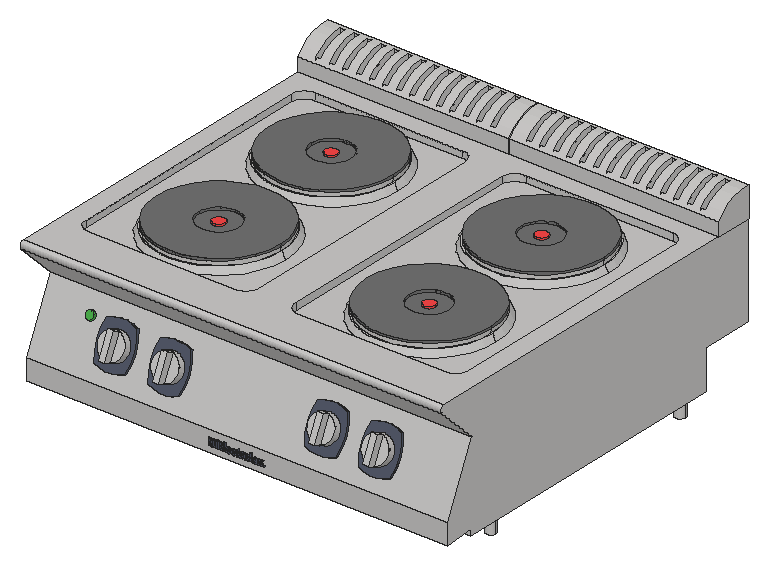
Revit family "QF_ELECTROLUXPROFESSIONAL_371127_E7ECEH4R0N", category Specialty Equipment, Revit 2018
Family settings
  Round Connector Dimension = Use Diameter
  Part Type = Normal
  Work Plane-Based = No
  Always vertical = Yes
  Cut with Voids When Loaded = No
  Shared = No
  Room Calculation Point = No
Parameters
  Width = 800.1 mm  # constant formula
  Weight in Pounds = 88  # constant formula
  Watts = 10400 VA  # 10400 W
  Volts = 230 V  # constant formula
  URL Cutsheet = "www.electrolux.com/foodservice"
  URL = "www.electrolux.com/foodservice"
  Type Mark [instance] = ""
  Status [instance] = ""
  Specification by User [instance] = ""
  Specification by Manufacturer = ""
  Show Logo [instance] = yes
  Show Clearance [instance] = yes
  Serial Number = ""
  Seismic Rating = ""
  SMACNA No = ""
  Revision Code [instance] = ""
  Phase = 3  # constant formula
  Omniclass Number and Title = ""
  Number of Poles [instance] = 1
  NAFEM Spec ID Number = ""
  Model = "371127"
  Min Ckt Ampacity = 0 A
  Max Overcurrent Protection = 0 A
  Masterspec = ""
  Manufacturer = "ELECTROLUX"
  Item Number [instance] = ""
  Installed By [instance] = ""
  Identify Quantity as Lot [instance] = yes
  Height = 331.8 mm  # constant formula
  HP = "13.9 HP"
  Furnished By [instance] = ""
  Foodservice Equipment Identifier [instance] = yes
  FL Amps = if(Phase = 3, Watts / (Volts * 1.73), Watts / Volts)  # 26.1372 A
  Electrical Remarks [instance] = "230 V/3 ph/50/60 Hz"  # constant formula
  Electric Connection Type [instance] = ""
  Elec Conn RI Height [instance] = 0 mm
  Elec Conn Connection Height [instance] = 0 mm
  Direct Waste Size = 0"
  Description = "700XP 4 Hot Plate Electric Boiling Top 2.6KW - 230V"
  Depth = 730.25 mm  # constant formula
  Cycle [instance] = if([60 Hertz Option], 60 Hz, 50 Hz)  # 60 Hz
  Conn Plug = ""
  Conn Conduit = yes
  CSI MasterFormat = ""
  CSI Master Format = ""
  Base Height [instance] = 23.813 mm  # constant formula
  Assembly Code = ""
  Apparent Power = if(Phase = 3, Volts * FL Amps * 1.73, Volts * FL Amps)  # 10400 VA
  60 Hertz Option [instance] = not([50 Hertz Option])  # yes
  50 Hertz Option [instance] = no
Reference planes
  plane 1 "BACK": y = 0
  plane 2: z = 0
  plane 3 "LEFT": x = 0
  plane 4 "RIGHT": x = 800.1
  plane 5 "FRONT": y = -730.25
  plane 6 "TOP": z = 288.925
  plane 7 "Center Y": x = 400.05
  plane 8 "Center X": y = -365.125
  plane 9 "BASE": z = 23.813
  plane 10 "TOP A": z = 274.638
  plane 11: y = -597.884
  plane 12: y = -147.637
  plane 13: z = 331.8
Forms (mm)
  Extrusion 1, solid, material "QF_Finishes_Stainless Steel"
    sketch origin (0, 0, 0) x (0, 1, 0) y (0, 0, 1)
      loop
        line (0, 274.638) -> (-722.844, 274.638)
        arc (-722.844, 274.638) -> (-729.641, 270.096) -> (-728.047, 262.077) r 7.358
        line (-728.047, 262.077) -> (-657.416, 191.447) -> (-713.772, 69.003) -> (-713.772, 30.903) -> (-660.4, 36.513) -> (-660.4, 23.812) -> (-101.6, 23.812) -> (-101.6, 98.425) -> (0, 98.425) -> (0, 274.638)
    from 0 to 800.1
  Extrusion 2, solid, material "QF_Finishes_Stainless Steel"
    sketch origin (0, 0, 0) x (1, 0, 0) y (0, 1, 0)
      loop
        circle (11.112, -147.638) r 9.525
      loop
        circle (11.112, -597.884) r 9.525
      loop
        circle (788.987, -147.638) r 9.525
      loop
        circle (788.987, -597.884) r 9.525
    from 0 to 23.813
  Extrusion 3, solid, material "QF_Finishes_Stainless Steel"
    sketch origin (0, -101.6, 101.6) x (0, 0, -1) y (-1, 0, 0)
      loop
        circle (41.275, -747.712) r 12.7
    from 0 to 3.175
  Extrusion 4, solid, material "QF_Finishes_Clearance", visible <- "Show Clearance", detail levels coarse
    sketch origin (0, 0, 0) x (1, 0, 0) y (0, 1, 0)
      loop
        line (0, -730.25) -> (0, 0) -> (800.1, 0) -> (800.1, -730.25) -> (950.119, -730.25) -> (950.119, 150.019) -> (-150.019, 150.019) -> (-150.019, -730.25) -> (0, -730.25)
    from 0 to 331.788
  Extrusion 5, solid, material "QF_Finishes_Navy Blue"
    sketch origin (-390.52, -713.772, 69.003) x (0, 0.418102, 0.9084) y (-1, 0, 0)
      loop
        arc (102.623, -510.47) -> (67.041, -502.846) -> (31.333, -509.853) r 90.5
        arc (31.333, -509.853) -> (24.507, -539.04) -> (31.333, -568.228) r 65.817
        arc (31.333, -568.228) -> (67.04, -575.188) -> (102.623, -567.615) r 91.066
        arc (102.623, -567.615) -> (109.179, -539.043) -> (102.623, -510.47) r 65.546
    from 0 to 3.175
  Extrusion 6, solid, material "QF_Finishes_Stainless Steel"
    sketch origin (-11.77, -717.485, 68.529) x (0, 0.418102, 0.9084) y (-1, 0, 0)
      loop
        circle (68.826, -160.963) r 25.4
    from 0 to 12.7
  Extrusion 7, solid, material "QF_Finishes_Stainless Steel"
    sketch origin (-11.77, -729.022, 73.839) x (0, 0.418102, 0.9084) y (-1, 0, 0)
      loop
        arc (93.558, -166.749) -> (94.226, -160.963) -> (93.558, -155.177) r 25.4
        line (93.558, -155.177) -> (44.094, -155.177)
        arc (44.094, -155.177) -> (43.426, -160.963) -> (44.094, -166.749) r 25.4
        line (44.094, -166.749) -> (93.558, -166.749)
    from 0 to 12.7
  Extrusion 8, solid, material "QF_Finishes_Navy Blue", visible <- "Show Logo"
    sketch origin (58.349, -713.772, 35.665) x (0, 0, 1) y (-1, 0, 0)
      loop
        line (20.674, -296.698) -> (8.307, -296.698)
        arc (8.307, -296.698) -> (14.491, -301.27) -> (20.674, -296.698) r 6.467
      loop
        arc (20.674, -296.069) -> (19.505, -290.926) -> (14.849, -288.448) r 6.338
        line (14.849, -288.448) -> (14.849, -290.494)
        arc (14.849, -290.494) -> (16.333, -294.149) -> (19.778, -296.069) r 5.941
        line (19.778, -296.069) -> (20.674, -296.069)
      loop
        arc (9.203, -296.069) -> (12.648, -294.149) -> (14.132, -290.494) r 5.941
        line (14.132, -290.494) -> (14.132, -288.448)
        arc (14.132, -288.448) -> (9.438, -290.922) -> (8.148, -296.069) r 6.504
        line (8.148, -296.069) -> (9.203, -296.069)
      loop
        line (21.349, -287.979) -> (7.604, -287.979) -> (7.604, -301.742) -> (21.349, -301.742) -> (21.349, -287.979)
      loop
        arc (21.432, -304.71) -> (21.085, -304.352) -> (20.718, -304.69) r 0.358
        arc (20.718, -304.69) -> (20.404, -305.44) -> (19.687, -305.825) r 1.216
        line (19.687, -305.825) -> (9.274, -305.825)
        arc (9.274, -305.825) -> (8.614, -305.548) -> (8.218, -304.951) r 1.238
        arc (8.218, -304.951) -> (7.823, -304.7) -> (7.518, -305.054) r 0.358
        line (7.518, -305.054) -> (7.518, -314.933) -> (10.269, -314.933) -> (10.269, -314.036)
        arc (10.269, -314.036) -> (9.36, -313.456) -> (8.904, -312.479) r 1.928
        line (8.904, -312.479) -> (8.904, -309.98)
        arc (8.904, -309.98) -> (9.18, -309.251) -> (9.868, -308.887) r 1.101
        line (9.868, -308.887) -> (13.955, -308.887) -> (13.955, -312.561)
        arc (13.955, -312.561) -> (13.602, -313.058) -> (13.037, -313.286) r 1.083
        arc (13.037, -313.286) -> (12.773, -313.591) -> (13.065, -313.869) r 0.292
        line (13.065, -313.869) -> (16.028, -313.869)
        arc (16.028, -313.869) -> (16.33, -313.596) -> (16.092, -313.266) r 0.305
        arc (16.092, -313.266) -> (15.601, -313.018) -> (15.296, -312.561) r 1.083
        line (15.296, -312.561) -> (15.296, -308.887) -> (19.973, -308.887) -> (19.973, -312.635)
        arc (19.973, -312.635) -> (19.759, -313.39) -> (19.153, -313.888) r 1.314
        arc (19.153, -313.888) -> (18.934, -314.292) -> (19.288, -314.585) r 0.361
        line (19.288, -314.585) -> (21.432, -314.585) -> (21.432, -304.71)
      loop
        arc (20.715, -315.365) -> (20.335, -316.284) -> (19.416, -316.664) r 1.299
        line (19.416, -316.664) -> (9.837, -316.664)
        arc (9.837, -316.664) -> (8.999, -316.286) -> (8.728, -315.408) r 1.118
        line (8.728, -315.408) -> (7.518, -315.408) -> (7.518, -320.758) -> (8.706, -320.758)
        arc (8.706, -320.758) -> (8.978, -319.841) -> (9.848, -319.445) r 1.153
        line (9.848, -319.445) -> (21.92, -319.445) -> (20.715, -315.365)
      loop
        line (12.483, -323.394) -> (12.483, -329.842) -> (13.282, -329.842)
        arc (13.282, -329.842) -> (15.862, -328.857) -> (17.131, -326.404) r 3.874
        line (17.131, -326.404) -> (17.131, -324.643)
        arc (17.131, -324.643) -> (15.944, -321.778) -> (13.08, -320.592) r 4.051
        line (13.08, -320.592) -> (11.072, -320.592)
        arc (11.072, -320.592) -> (8.253, -322.077) -> (7.202, -325.084) r 4.352
        arc (7.202, -325.084) -> (7.566, -327.547) -> (8.943, -329.621) r 5.713
        line (8.943, -329.621) -> (9.892, -329.621)
        arc (9.892, -329.621) -> (9.16, -328.052) -> (8.943, -326.334) r 5.579
        arc (8.943, -326.334) -> (9.737, -324.371) -> (11.616, -323.394) r 3.057
        line (11.616, -323.394) -> (12.483, -323.394)
      loop
        line (13.742, -323.394) -> (13.742, -326.977)
        arc (13.742, -326.977) -> (15.199, -327.024) -> (16.082, -325.864) r 1.59
        line (16.082, -325.864) -> (16.082, -325.034)
        arc (16.082, -325.034) -> (15.217, -323.779) -> (13.742, -323.394) r 2.184
      loop
        arc (16.533, -339.259) -> (17.022, -337.585) -> (17.179, -335.848) r 9.023
        line (17.179, -335.848) -> (17.179, -334.486)
        arc (17.179, -334.486) -> (16.02, -331.686) -> (13.22, -330.527) r 3.959
        line (13.22, -330.527) -> (10.62, -330.527)
        arc (10.62, -330.527) -> (8.338, -331.819) -> (7.221, -334.192) r 4.331
        line (7.221, -334.192) -> (7.221, -336.327)
        arc (7.221, -336.327) -> (7.729, -337.877) -> (8.651, -339.223) r 5.772
        arc (8.651, -339.223) -> (9.412, -339.274) -> (9.499, -338.515) r 0.553
        arc (9.499, -338.515) -> (9.111, -337.781) -> (8.977, -336.962) r 2.573
        line (8.977, -336.962) -> (8.977, -335.447)
        arc (8.977, -335.447) -> (9.983, -333.806) -> (11.798, -333.163) r 2.884
        line (11.798, -333.163) -> (13.077, -333.163)
        arc (13.077, -333.163) -> (14.898, -333.723) -> (15.824, -335.388) r 2.554
        line (15.824, -335.388) -> (15.824, -336.441)
        arc (15.824, -336.441) -> (15.493, -337.369) -> (14.836, -338.104) r 2.564
        arc (14.836, -338.104) -> (14.614, -338.821) -> (15.223, -339.259) r 0.643
        line (15.223, -339.259) -> (16.533, -339.259)
      loop
        line (15.515, -339.53) -> (15.515, -341.031) -> (9.467, -341.031)
        arc (9.467, -341.031) -> (7.879, -341.688) -> (7.221, -343.276) r 2.246
        line (7.221, -343.276) -> (7.221, -344.86)
        arc (7.221, -344.86) -> (7.535, -345.725) -> (8.035, -346.496) r 4.06
        arc (8.035, -346.496) -> (8.768, -346.629) -> (9.019, -345.928) r 0.576
        arc (9.019, -345.928) -> (8.913, -345.403) -> (8.977, -344.87) r 1.69
        arc (8.977, -344.87) -> (9.519, -344.082) -> (10.425, -343.779) r 1.506
        line (10.425, -343.779) -> (15.563, -343.779) -> (15.563, -346.176) -> (16.119, -346.733) -> (16.941, -346.733) -> (16.941, -343.873) -> (20.172, -343.873) -> (15.515, -339.53)
      loop
        line (7.438, -347.63) -> (7.438, -353.017) -> (8.548, -353.017)
        arc (8.548, -353.017) -> (8.942, -352.066) -> (9.893, -351.672) r 1.345
        line (9.893, -351.672) -> (13.509, -351.672)
        arc (13.509, -351.672) -> (14.274, -352.264) -> (14.564, -353.186) r 1.615
        line (14.564, -353.186) -> (14.564, -354.742) -> (17.119, -355.427) -> (17.119, -354.044) -> (15.177, -351.485) -> (17.057, -351.485) -> (16.773, -348.779)
        arc (16.773, -348.779) -> (16.333, -348.249) -> (15.674, -348.45) r 0.621
        arc (15.674, -348.45) -> (15.274, -348.792) -> (14.78, -348.975) r 1.501
        line (14.78, -348.975) -> (9.893, -348.975)
        arc (9.893, -348.975) -> (8.942, -348.581) -> (8.548, -347.63) r 1.345
        line (8.548, -347.63) -> (7.438, -347.63)
      loop
        line (13.54, -354.964) -> (10.848, -354.964)
        arc (10.848, -354.964) -> (8.403, -356.272) -> (7.269, -358.803) r 4.288
        arc (7.269, -358.803) -> (7.205, -360.183) -> (7.269, -361.563) r 15.022
        arc (7.269, -361.563) -> (8.403, -364.094) -> (10.848, -365.401) r 4.288
        line (10.848, -365.401) -> (13.54, -365.401)
        arc (13.54, -365.401) -> (15.986, -364.094) -> (17.119, -361.563) r 4.288
        arc (17.119, -361.563) -> (17.183, -360.183) -> (17.119, -358.803) r 15.022
        arc (17.119, -358.803) -> (15.986, -356.272) -> (13.54, -354.964) r 4.288
      loop
        line (13.745, -358.078) -> (10.643, -358.078)
        arc (10.643, -358.078) -> (8.486, -360.235) -> (10.643, -362.392) r 2.157
        line (10.643, -362.392) -> (13.745, -362.392)
        arc (13.745, -362.392) -> (15.902, -360.235) -> (13.745, -358.078) r 2.157
      loop
        arc (20.726, -365.26) -> (20.355, -366.154) -> (19.461, -366.524) r 1.264
        line (19.461, -366.524) -> (9.597, -366.524)
        arc (9.597, -366.524) -> (8.727, -366.127) -> (8.455, -365.211) r 1.153
        line (8.455, -365.211) -> (7.518, -365.211) -> (7.518, -370.319) -> (8.446, -370.319)
        arc (8.446, -370.319) -> (8.805, -369.547) -> (9.597, -369.232) r 1.153
        line (9.597, -369.232) -> (21.92, -369.232) -> (20.726, -365.26)
      loop
        arc (15.846, -369.857) -> (15.647, -370.921) -> (14.678, -371.403) r 1.215
        line (14.678, -371.403) -> (9.658, -371.403)
        arc (9.658, -371.403) -> (8.043, -372.051) -> (7.322, -373.634) r 2.338
        line (7.322, -373.634) -> (7.322, -375.148)
        arc (7.322, -375.148) -> (7.497, -376.152) -> (7.999, -377.038) r 2.979
        line (7.999, -377.038) -> (7.518, -378.835) -> (7.518, -380.524) -> (16.943, -380.524) -> (16.649, -376.32) -> (15.863, -376.32)
        arc (15.863, -376.32) -> (15.507, -377.156) -> (14.755, -377.665) r 1.605
        line (14.755, -377.665) -> (9.652, -377.665)
        arc (9.652, -377.665) -> (9.232, -376.728) -> (9.159, -375.704) r 2.94
        arc (9.159, -375.704) -> (9.72, -374.603) -> (10.873, -374.16) r 1.724
        line (10.873, -374.16) -> (17.07, -374.16) -> (15.846, -369.857)
      loop
        line (16.874, -381.377) -> (15.202, -383.423) -> (12.028, -385.729) -> (8.572, -382.617)
        arc (8.572, -382.617) -> (8.335, -382.223) -> (8.357, -381.764) r 0.789
        line (8.357, -381.764) -> (7.518, -381.764) -> (7.518, -385.309) -> (8.344, -385.309)
        arc (8.344, -385.309) -> (8.686, -384.947) -> (9.176, -385.039) r 0.52
        line (9.176, -385.039) -> (10.976, -386.51) -> (8.858, -387.886)
        arc (8.858, -387.886) -> (8.457, -387.576) -> (8.37, -387.076) r 0.7
        line (8.37, -387.076) -> (7.518, -387.076) -> (7.518, -393.003) -> (8.405, -393.003)
        arc (8.405, -393.003) -> (8.472, -392.344) -> (8.866, -391.813) r 1.247
        line (8.866, -391.813) -> (13.066, -388.532) -> (15.513, -390.585) -> (16.874, -392.327) -> (16.874, -388.604) -> (15.389, -389.026) -> (13.868, -387.749) -> (15.568, -386.559) -> (16.874, -387.336) -> (16.874, -381.377)
    from 0 to 1.644
  Extrusion 9, solid, material "QF_Finishes_Stainless Steel"
    sketch origin (0, 0, 0) x (0, 1, 0) y (0, 0, 1)
      loop
        line (0, 274.638) -> (0, 331.738)
        arc (0, 331.738) -> (-38.857, 324.552) -> (-69.85, 300.038) r 82.056
        line (-69.85, 300.038) -> (-69.85, 274.638) -> (0, 274.638)
    from 0 to 400.05
  Extrusion 10, void
    sketch origin (0, 0, 274.638) x (0, -1, 0) y (1, 0, 0)
      loop
        line (6.761, 29.703) -> (63.911, 29.703) -> (63.911, 38.999) -> (6.761, 38.999) -> (6.761, 29.703)
      loop
        line (63.911, 64.487) -> (6.761, 64.487) -> (6.761, 55.191) -> (63.911, 55.191) -> (63.911, 64.487)
      loop
        line (63.911, 89.975) -> (6.761, 89.975) -> (6.761, 80.68) -> (63.911, 80.68) -> (63.911, 89.975)
      loop
        line (63.911, 115.464) -> (6.761, 115.464) -> (6.761, 106.168) -> (63.911, 106.168) -> (63.911, 115.464)
      loop
        line (63.911, 140.952) -> (6.761, 140.952) -> (6.761, 131.656) -> (63.911, 131.656) -> (63.911, 140.952)
      loop
        line (63.911, 166.44) -> (6.761, 166.44) -> (6.761, 157.145) -> (63.911, 157.145) -> (63.911, 166.44)
      loop
        line (63.911, 191.929) -> (6.761, 191.929) -> (6.761, 182.633) -> (63.911, 182.633) -> (63.911, 191.929)
      loop
        line (63.911, 217.417) -> (6.761, 217.417) -> (6.761, 208.121) -> (63.911, 208.121) -> (63.911, 217.417)
      loop
        line (63.911, 242.905) -> (6.761, 242.905) -> (6.761, 233.61) -> (63.911, 233.61) -> (63.911, 242.905)
      loop
        line (63.911, 268.394) -> (6.761, 268.394) -> (6.761, 259.098) -> (63.911, 259.098) -> (63.911, 268.394)
      loop
        line (63.911, 293.882) -> (6.761, 293.882) -> (6.761, 284.586) -> (63.911, 284.586) -> (63.911, 293.882)
      loop
        line (63.911, 319.37) -> (6.761, 319.37) -> (6.761, 310.075) -> (63.911, 310.075) -> (63.911, 319.37)
      loop
        line (63.911, 344.859) -> (6.761, 344.859) -> (6.761, 335.563) -> (63.911, 335.563) -> (63.911, 344.859)
      loop
        line (63.911, 370.347) -> (6.761, 370.347) -> (6.761, 361.051) -> (63.911, 361.051) -> (63.911, 370.347)
    from 25.4 to 63.5
  Extrusion 11, solid, material "QF_Finishes_Stainless Steel"
    sketch origin (400.05, 0, 0) x (0, 1, 0) y (0, 0, 1)
      loop
        line (0, 274.638) -> (0, 331.738)
        arc (0, 331.738) -> (-38.857, 324.552) -> (-69.85, 300.038) r 82.056
        line (-69.85, 300.038) -> (-69.85, 274.638) -> (0, 274.638)
    from 0 to 400.05
  Extrusion 12, void
    sketch origin (400.05, 0, 274.638) x (0, -1, 0) y (1, 0, 0)
      loop
        line (6.761, 29.703) -> (63.911, 29.703) -> (63.911, 38.999) -> (6.761, 38.999) -> (6.761, 29.703)
      loop
        line (63.911, 64.487) -> (6.761, 64.487) -> (6.761, 55.191) -> (63.911, 55.191) -> (63.911, 64.487)
      loop
        line (63.911, 89.975) -> (6.761, 89.975) -> (6.761, 80.68) -> (63.911, 80.68) -> (63.911, 89.975)
      loop
        line (63.911, 115.464) -> (6.761, 115.464) -> (6.761, 106.168) -> (63.911, 106.168) -> (63.911, 115.464)
      loop
        line (63.911, 140.952) -> (6.761, 140.952) -> (6.761, 131.656) -> (63.911, 131.656) -> (63.911, 140.952)
      loop
        line (63.911, 166.44) -> (6.761, 166.44) -> (6.761, 157.145) -> (63.911, 157.145) -> (63.911, 166.44)
      loop
        line (63.911, 191.929) -> (6.761, 191.929) -> (6.761, 182.633) -> (63.911, 182.633) -> (63.911, 191.929)
      loop
        line (63.911, 217.417) -> (6.761, 217.417) -> (6.761, 208.121) -> (63.911, 208.121) -> (63.911, 217.417)
      loop
        line (63.911, 242.905) -> (6.761, 242.905) -> (6.761, 233.61) -> (63.911, 233.61) -> (63.911, 242.905)
      loop
        line (63.911, 268.394) -> (6.761, 268.394) -> (6.761, 259.098) -> (63.911, 259.098) -> (63.911, 268.394)
      loop
        line (63.911, 293.882) -> (6.761, 293.882) -> (6.761, 284.586) -> (63.911, 284.586) -> (63.911, 293.882)
      loop
        line (63.911, 319.37) -> (6.761, 319.37) -> (6.761, 310.075) -> (63.911, 310.075) -> (63.911, 319.37)
      loop
        line (63.911, 344.859) -> (6.761, 344.859) -> (6.761, 335.563) -> (63.911, 335.563) -> (63.911, 344.859)
      loop
        line (63.911, 370.347) -> (6.761, 370.347) -> (6.761, 361.051) -> (63.911, 361.051) -> (63.911, 370.347)
    from 25.4 to 63.5
  Extrusion 13, void
    sketch origin (0, 0, 274.638) x (1, 0, 0) y (0, -1, 0)
      loop
        line (60.425, 104.885) -> (339.625, 104.885)
        arc (339.625, 104.885) -> (357.586, 112.324) -> (365.025, 130.285) r 25.4
        line (365.025, 130.285) -> (365.025, 619.485)
        arc (365.025, 619.485) -> (357.586, 637.445) -> (339.625, 644.885) r 25.4
        line (339.625, 644.885) -> (60.425, 644.885)
        arc (60.425, 644.885) -> (42.464, 637.445) -> (35.025, 619.485) r 25.4
        line (35.025, 619.485) -> (35.025, 130.285)
        arc (35.025, 130.285) -> (42.464, 112.324) -> (60.425, 104.885) r 25.4
      loop
        arc (739.675, 104.885) -> (757.636, 112.324) -> (765.075, 130.285) r 25.4
        line (765.075, 130.285) -> (765.075, 619.485)
        arc (765.075, 619.485) -> (757.636, 637.445) -> (739.675, 644.885) r 25.4
        line (739.675, 644.885) -> (460.475, 644.885)
        arc (460.475, 644.885) -> (442.514, 637.445) -> (435.075, 619.485) r 25.4
        line (435.075, 619.485) -> (435.075, 130.285)
        arc (435.075, 130.285) -> (442.514, 112.324) -> (460.475, 104.885) r 25.4
        line (460.475, 104.885) -> (739.675, 104.885)
    from 0 to 12.7
  Extrusion 14, solid, material "QF_Finishes_Navy Blue"
    sketch origin (-288.02, -713.772, 69.003) x (0, 0.418102, 0.9084) y (-1, 0, 0)
      loop
        arc (102.623, -510.47) -> (67.041, -502.846) -> (31.333, -509.853) r 90.5
        arc (31.333, -509.853) -> (24.507, -539.04) -> (31.333, -568.228) r 65.817
        arc (31.333, -568.228) -> (67.04, -575.188) -> (102.623, -567.615) r 91.066
        arc (102.623, -567.615) -> (109.179, -539.043) -> (102.623, -510.47) r 65.546
    from 0 to 3.175
  Extrusion 15, solid, material "QF_Finishes_Stainless Steel"
    sketch origin (90.73, -717.485, 68.529) x (0, 0.418102, 0.9084) y (-1, 0, 0)
      loop
        circle (68.826, -160.963) r 25.4
    from 0 to 12.7
  Extrusion 16, solid, material "QF_Finishes_Stainless Steel"
    sketch origin (90.73, -729.022, 73.839) x (0, 0.418102, 0.9084) y (-1, 0, 0)
      loop
        arc (93.558, -166.749) -> (94.226, -160.963) -> (93.558, -155.177) r 25.4
        line (93.558, -155.177) -> (44.094, -155.177)
        arc (44.094, -155.177) -> (43.426, -160.963) -> (44.094, -166.749) r 25.4
        line (44.094, -166.749) -> (93.558, -166.749)
    from 0 to 12.7
  Extrusion 17, solid, material "QF_Finishes_Navy Blue"
    sketch origin (1190.62, -713.772, 69.003) x (0, 0.418102, 0.9084) y (-1, 0, 0)
      loop
        arc (102.623, 510.47) -> (109.179, 539.043) -> (102.623, 567.615) r 65.546
        arc (102.623, 567.615) -> (67.04, 575.188) -> (31.333, 568.228) r 91.066
        arc (31.333, 568.228) -> (24.507, 539.04) -> (31.333, 509.853) r 65.817
        arc (31.333, 509.853) -> (67.041, 502.846) -> (102.623, 510.47) r 90.5
    from 0 to 3.175
  Extrusion 18, solid, material "QF_Finishes_Stainless Steel"
    sketch origin (1569.37, -717.485, 68.529) x (0, 0.418102, 0.9084) y (-1, 0, 0)
      loop
        circle (68.826, 918.463) r 25.4
    from 0 to 12.7
  Extrusion 19, solid, material "QF_Finishes_Stainless Steel"
    sketch origin (1569.37, -729.022, 73.839) x (0, 0.418102, 0.9084) y (-1, 0, 0)
      loop
        line (93.558, 924.249) -> (44.094, 924.249)
        arc (44.094, 924.249) -> (43.426, 918.463) -> (44.094, 912.677) r 25.4
        line (44.094, 912.677) -> (93.558, 912.677)
        arc (93.558, 912.677) -> (94.226, 918.463) -> (93.558, 924.249) r 25.4
    from 0 to 12.7
  Extrusion 20, solid, material "QF_Finishes_Navy Blue"
    sketch origin (1088.12, -713.772, 69.003) x (0, 0.418102, 0.9084) y (-1, 0, 0)
      loop
        arc (102.623, 510.47) -> (109.179, 539.043) -> (102.623, 567.615) r 65.546
        arc (102.623, 567.615) -> (67.04, 575.188) -> (31.333, 568.228) r 91.066
        arc (31.333, 568.228) -> (24.507, 539.04) -> (31.333, 509.853) r 65.817
        arc (31.333, 509.853) -> (67.041, 502.846) -> (102.623, 510.47) r 90.5
    from 0 to 3.175
  Extrusion 21, solid, material "QF_Finishes_Stainless Steel"
    sketch origin (1466.87, -717.485, 68.529) x (0, 0.418102, 0.9084) y (-1, 0, 0)
      loop
        circle (68.826, 918.463) r 25.4
    from 0 to 12.7
  Extrusion 22, solid, material "QF_Finishes_Stainless Steel"
    sketch origin (1466.87, -729.022, 73.839) x (0, 0.418102, 0.9084) y (-1, 0, 0)
      loop
        line (93.558, 924.249) -> (44.094, 924.249)
        arc (44.094, 924.249) -> (43.426, 918.463) -> (44.094, 912.677) r 25.4
        line (44.094, 912.677) -> (93.558, 912.677)
        arc (93.558, 912.677) -> (94.226, 918.463) -> (93.558, 924.249) r 25.4
    from 0 to 12.7
  Extrusion 23, solid, material "QF_Finishes_Green"
    sketch origin (1.25, -711.681, 73.545) x (0, 0.418102, 0.9084) y (-1, 0, 0)
      loop
        circle (91.02, -88.134) r 8
    from 0 to 3.2
Cuts and joins
  Extrusion 10 cuts Extrusion 9
  Extrusion 12 cuts Extrusion 11
  Extrusion 13 cuts Extrusion 1
Lines and regions (mm)
  symbolic lines, style "QF-Clearances", visible <- "Show Clearance", detail levels coarse
    curve 1: line (-150.019, 150.019, 274.638) -> (-150.019, -730.25, 274.638)
    curve 2: line (950.119, 150.019, 274.638) -> (-150.019, 150.019, 274.638)
    curve 3: line (950.119, -730.25, 274.638) -> (950.119, 150.019, 274.638)
  symbolic lines
    curve 4: line (0, 0, 274.638) -> (800.1, 0, 274.638)
    curve 5: line (0, -730.25, 274.638) -> (0, 0, 274.638)
    curve 6: line (800.1, 0, 274.638) -> (800.1, -730.25, 274.638)
    curve 7: line (0, -69.85, 274.638) -> (800.1, -69.85, 274.638)
    curve 8: line (800.1, -730.25, 274.638) -> (0, -730.25, 274.638)
    curve 9: line (29.703, -6.761, 0) -> (38.999, -6.761, 0)
    curve 10: line (29.703, -63.911, 0) -> (29.703, -6.761, 0)
    curve 11: line (38.999, -63.911, 0) -> (29.703, -63.911, 0)
    curve 12: line (38.999, -6.761, 0) -> (38.999, -63.911, 0)
    curve 13: line (55.191, -6.761, 0) -> (64.487, -6.761, 0)
    curve 14: line (55.191, -63.911, 0) -> (55.191, -6.761, 0)
    curve 15: line (64.487, -63.911, 0) -> (55.191, -63.911, 0)
    curve 16: line (64.487, -6.761, 0) -> (64.487, -63.911, 0)
    curve 17: line (80.68, -6.761, 0) -> (89.975, -6.761, 0)
    curve 18: line (80.68, -63.911, 0) -> (80.68, -6.761, 0)
    curve 19: line (89.975, -63.911, 0) -> (80.68, -63.911, 0)
    curve 20: line (89.975, -6.761, 0) -> (89.975, -63.911, 0)
    curve 21: line (106.168, -6.761, 0) -> (115.464, -6.761, 0)
    curve 22: line (106.168, -63.911, 0) -> (106.168, -6.761, 0)
    curve 23: line (115.464, -63.911, 0) -> (106.168, -63.911, 0)
    curve 24: line (115.464, -6.761, 0) -> (115.464, -63.911, 0)
    curve 25: line (131.656, -6.761, 0) -> (140.952, -6.761, 0)
    curve 26: line (131.656, -63.911, 0) -> (131.656, -6.761, 0)
    curve 27: line (140.952, -63.911, 0) -> (131.656, -63.911, 0)
    curve 28: line (140.952, -6.761, 0) -> (140.952, -63.911, 0)
    curve 29: line (157.145, -6.761, 0) -> (166.44, -6.761, 0)
    curve 30: line (157.145, -63.911, 0) -> (157.145, -6.761, 0)
    curve 31: line (166.44, -63.911, 0) -> (157.145, -63.911, 0)
    curve 32: line (166.44, -6.761, 0) -> (166.44, -63.911, 0)
    curve 33: line (182.633, -6.761, 0) -> (191.929, -6.761, 0)
    curve 34: line (182.633, -63.911, 0) -> (182.633, -6.761, 0)
    curve 35: line (191.929, -63.911, 0) -> (182.633, -63.911, 0)
    curve 36: line (191.929, -6.761, 0) -> (191.929, -63.911, 0)
    curve 37: line (208.121, -6.761, 0) -> (217.417, -6.761, 0)
    curve 38: line (208.121, -63.911, 0) -> (208.121, -6.761, 0)
    curve 39: line (217.417, -63.911, 0) -> (208.121, -63.911, 0)
    curve 40: line (217.417, -6.761, 0) -> (217.417, -63.911, 0)
    curve 41: line (233.61, -6.761, 0) -> (242.905, -6.761, 0)
    curve 42: line (233.61, -63.911, 0) -> (233.61, -6.761, 0)
    curve 43: line (242.905, -63.911, 0) -> (233.61, -63.911, 0)
    curve 44: line (242.905, -6.761, 0) -> (242.905, -63.911, 0)
    curve 45: line (259.098, -6.761, 0) -> (268.394, -6.761, 0)
    curve 46: line (259.098, -63.911, 0) -> (259.098, -6.761, 0)
    curve 47: line (268.394, -63.911, 0) -> (259.098, -63.911, 0)
    curve 48: line (268.394, -6.761, 0) -> (268.394, -63.911, 0)
    curve 49: line (284.586, -6.761, 0) -> (293.882, -6.761, 0)
    curve 50: line (284.586, -63.911, 0) -> (284.586, -6.761, 0)
    curve 51: line (293.882, -63.911, 0) -> (284.586, -63.911, 0)
    curve 52: line (293.882, -6.761, 0) -> (293.882, -63.911, 0)
    curve 53: line (310.075, -6.761, 0) -> (319.37, -6.761, 0)
    curve 54: line (310.075, -63.911, 0) -> (310.075, -6.761, 0)
    curve 55: line (319.37, -63.911, 0) -> (310.075, -63.911, 0)
    curve 56: line (319.37, -6.761, 0) -> (319.37, -63.911, 0)
    curve 57: line (335.563, -6.761, 0) -> (344.859, -6.761, 0)
    curve 58: line (335.563, -63.911, 0) -> (335.563, -6.761, 0)
    curve 59: line (344.859, -63.911, 0) -> (335.563, -63.911, 0)
    curve 60: line (344.859, -6.761, 0) -> (344.859, -63.911, 0)
    curve 61: line (361.051, -6.761, 0) -> (370.347, -6.761, 0)
    curve 62: line (361.051, -63.911, 0) -> (361.051, -6.761, 0)
    curve 63: line (370.347, -63.911, 0) -> (361.051, -63.911, 0)
    curve 64: line (370.347, -6.761, 0) -> (370.347, -63.911, 0)
    curve 65: line (400.05, 0, 0) -> (400.05, -69.85, 0)
    curve 66: line (770.397, -6.761, 0) -> (761.101, -6.761, 0)
    curve 67: line (770.397, -63.911, 0) -> (770.397, -6.761, 0)
    curve 68: line (761.101, -63.911, 0) -> (770.397, -63.911, 0)
    curve 69: line (761.101, -6.761, 0) -> (761.101, -63.911, 0)
    curve 70: line (744.909, -6.761, 0) -> (735.613, -6.761, 0)
    curve 71: line (744.909, -63.911, 0) -> (744.909, -6.761, 0)
    curve 72: line (735.613, -63.911, 0) -> (744.909, -63.911, 0)
    curve 73: line (735.613, -6.761, 0) -> (735.613, -63.911, 0)
    curve 74: line (719.42, -6.761, 0) -> (710.125, -6.761, 0)
    curve 75: line (719.42, -63.911, 0) -> (719.42, -6.761, 0)
    curve 76: line (710.125, -63.911, 0) -> (719.42, -63.911, 0)
    curve 77: line (710.125, -6.761, 0) -> (710.125, -63.911, 0)
    curve 78: line (693.932, -6.761, 0) -> (684.636, -6.761, 0)
    curve 79: line (693.932, -63.911, 0) -> (693.932, -6.761, 0)
    curve 80: line (684.636, -63.911, 0) -> (693.932, -63.911, 0)
    curve 81: line (684.636, -6.761, 0) -> (684.636, -63.911, 0)
    curve 82: line (668.444, -6.761, 0) -> (659.148, -6.761, 0)
    curve 83: line (668.444, -63.911, 0) -> (668.444, -6.761, 0)
    curve 84: line (659.148, -63.911, 0) -> (668.444, -63.911, 0)
    curve 85: line (659.148, -6.761, 0) -> (659.148, -63.911, 0)
    curve 86: line (642.955, -6.761, 0) -> (633.66, -6.761, 0)
    curve 87: line (642.955, -63.911, 0) -> (642.955, -6.761, 0)
    curve 88: line (633.66, -63.911, 0) -> (642.955, -63.911, 0)
    curve 89: line (633.66, -6.761, 0) -> (633.66, -63.911, 0)
    curve 90: line (617.467, -6.761, 0) -> (608.171, -6.761, 0)
    curve 91: line (617.467, -63.911, 0) -> (617.467, -6.761, 0)
    curve 92: line (608.171, -63.911, 0) -> (617.467, -63.911, 0)
    curve 93: line (608.171, -6.761, 0) -> (608.171, -63.911, 0)
    curve 94: line (591.979, -6.761, 0) -> (582.683, -6.761, 0)
    curve 95: line (591.979, -63.911, 0) -> (591.979, -6.761, 0)
    curve 96: line (582.683, -63.911, 0) -> (591.979, -63.911, 0)
    curve 97: line (582.683, -6.761, 0) -> (582.683, -63.911, 0)
    curve 98: line (566.49, -6.761, 0) -> (557.195, -6.761, 0)
    curve 99: line (566.49, -63.911, 0) -> (566.49, -6.761, 0)
    curve 100: line (557.195, -63.911, 0) -> (566.49, -63.911, 0)
    curve 101: line (557.195, -6.761, 0) -> (557.195, -63.911, 0)
    curve 102: line (541.002, -6.761, 0) -> (531.706, -6.761, 0)
    curve 103: line (541.002, -63.911, 0) -> (541.002, -6.761, 0)
    curve 104: line (531.706, -63.911, 0) -> (541.002, -63.911, 0)
    curve 105: line (531.706, -6.761, 0) -> (531.706, -63.911, 0)
    curve 106: line (515.514, -6.761, 0) -> (506.218, -6.761, 0)
    curve 107: line (515.514, -63.911, 0) -> (515.514, -6.761, 0)
    curve 108: line (506.218, -63.911, 0) -> (515.514, -63.911, 0)
    curve 109: line (506.218, -6.761, 0) -> (506.218, -63.911, 0)
    curve 110: line (490.025, -6.761, 0) -> (480.73, -6.761, 0)
    curve 111: line (490.025, -63.911, 0) -> (490.025, -6.761, 0)
    curve 112: line (480.73, -63.911, 0) -> (490.025, -63.911, 0)
    curve 113: line (480.73, -6.761, 0) -> (480.73, -63.911, 0)
    curve 114: line (464.537, -6.761, 0) -> (455.241, -6.761, 0)
    curve 115: line (464.537, -63.911, 0) -> (464.537, -6.761, 0)
    curve 116: line (455.241, -63.911, 0) -> (464.537, -63.911, 0)
    curve 117: line (455.241, -6.761, 0) -> (455.241, -63.911, 0)
    curve 118: line (439.049, -6.761, 0) -> (429.753, -6.761, 0)
    curve 119: line (439.049, -63.911, 0) -> (439.049, -6.761, 0)
    curve 120: line (429.753, -63.911, 0) -> (439.049, -63.911, 0)
    curve 121: line (429.753, -6.761, 0) -> (429.753, -63.911, 0)
    curve 122: line (60.425, -104.885, 0) -> (339.625, -104.885, 0)
    curve 123: arc (339.625, -104.885, 0) -> (357.586, -112.324, 0) -> (365.025, -130.285, 0) r 25.4
    curve 124: line (365.025, -130.285, 0) -> (365.025, -619.485, 0)
    curve 125: arc (365.025, -619.485, 0) -> (357.586, -637.445, 0) -> (339.625, -644.885, 0) r 25.4
    curve 126: line (339.625, -644.885, 0) -> (60.425, -644.885, 0)
    curve 127: arc (60.425, -644.885, 0) -> (42.464, -637.445, 0) -> (35.025, -619.485, 0) r 25.4
    curve 128: line (35.025, -619.485, 0) -> (35.025, -130.285, 0)
    curve 129: arc (35.025, -130.285, 0) -> (42.464, -112.324, 0) -> (60.425, -104.885, 0) r 25.4
    curve 130: line (435.075, -619.485, 0) -> (435.075, -130.285, 0)
    curve 131: arc (435.075, -130.285, 0) -> (442.514, -112.324, 0) -> (460.475, -104.885, 0) r 25.4
    curve 132: line (460.475, -104.885, 0) -> (739.675, -104.885, 0)
    curve 133: arc (739.675, -104.885, 0) -> (757.636, -112.324, 0) -> (765.075, -130.285, 0) r 25.4
    curve 134: line (765.075, -130.285, 0) -> (765.075, -619.485, 0)
    curve 135: arc (765.075, -619.485, 0) -> (757.636, -637.445, 0) -> (739.675, -644.885, 0) r 25.4
    curve 136: line (739.675, -644.885, 0) -> (460.475, -644.885, 0)
    curve 137: arc (460.475, -644.885, 0) -> (442.514, -637.445, 0) -> (435.075, -619.485, 0) r 25.4
Dimensions and locks
  equal spacing: plane 3 "LEFT", plane 7 "Center Y", plane 4 "RIGHT"
  "Width": plane 3 "LEFT" to plane 4 "RIGHT"
  equal spacing: plane 5 "FRONT", plane 8 "Center X", plane 1 "BACK"
  "Depth": plane 5 "FRONT" to plane 1 "BACK"
  plane 1 "BACK" to plane 5 "FRONT" = 730.25 mm
  "Base Height": plane 9 "BASE" to level
  locked: plane 10 "TOP A" to plane 9 "BASE" at 250.825
  plane 4 "RIGHT" to Extrusion 3 sketch curve = 52.388 mm
  plane 10 "TOP A" to plane 9 "BASE" = 250.825 mm
  plane 9 "BASE" to level = 23.813 mm
  "Height": plane 13 to level
  Extrusion 3 sketch curve to plane 9 "BASE" = 36.513 mm
  aligned and locked: level to plane 2
  aligned and locked: plane 4 "RIGHT" to Extrusion 1
  aligned and locked: Extrusion 2 to plane 9 "BASE"
  aligned: plane 6 "TOP" to Extrusion 4
Automatic sketch dimensions
  plane 1 "BACK" to curve 65 = 0 mm
  curve 65 to plane 7 "Center Y" = 0 mm
  curve 63 to plane 7 "Center Y" = 29.703 mm
  curve 61 to curve 61 = 9.296 mm
  curve 60 to curve 62 = 16.193 mm
  curve 58 to curve 59 = 9.296 mm
  curve 55 to curve 58 = 16.193 mm
  curve 55 to curve 55 = 9.296 mm
  curve 51 to curve 54 = 16.193 mm
  curve 49 to curve 49 = 9.296 mm
  curve 47 to curve 50 = 16.193 mm
  curve 46 to curve 45 = 9.296 mm
  plane 1 "BACK" to curve 41 = 6.761 mm
  curve 41 to curve 45 = 16.193 mm
  curve 43 to curve 43 = 9.296 mm
  plane 1 "BACK" to curve 37 = 6.761 mm
  curve 37 to curve 41 = 16.193 mm
  curve 34 to curve 33 = 9.296 mm
  plane 1 "BACK" to curve 32 = 6.761 mm
  curve 32 to curve 33 = 16.193 mm
  curve 31 to curve 31 = 9.296 mm
  plane 1 "BACK" to curve 28 = 6.761 mm
  curve 28 to curve 29 = 16.193 mm
  curve 26 to curve 27 = 9.296 mm
  plane 1 "BACK" to curve 24 = 6.761 mm
  curve 24 to curve 25 = 16.193 mm
  curve 23 to curve 23 = 9.296 mm
  plane 1 "BACK" to curve 17 = 6.761 mm
  curve 17 to curve 21 = 16.193 mm
  curve 18 to curve 19 = 9.296 mm
  plane 1 "BACK" to curve 13 = 6.761 mm
  curve 13 to curve 17 = 16.193 mm
  curve 14 to curve 15 = 9.296 mm
  plane 1 "BACK" to curve 9 = 6.761 mm
  curve 9 to curve 13 = 16.193 mm
  curve 11 to curve 11 = 9.296 mm
  plane 1 "BACK" to curve 118 = 6.761 mm
  plane 7 "Center Y" to curve 118 = 29.703 mm
  curve 120 to curve 120 = 9.296 mm
  curve 119 to curve 116 = 16.193 mm
  curve 116 to curve 116 = 9.296 mm
  plane 1 "BACK" to curve 110 = 6.761 mm
  curve 114 to curve 110 = 16.193 mm
  curve 112 to curve 112 = 9.296 mm
  curve 111 to curve 109 = 16.193 mm
  curve 108 to curve 108 = 9.296 mm
  curve 107 to curve 105 = 16.193 mm
  curve 102 to curve 103 = 9.296 mm
  curve 103 to curve 100 = 16.193 mm
  curve 98 to curve 99 = 9.296 mm
  curve 99 to curve 96 = 16.193 mm
  curve 96 to curve 96 = 9.296 mm
  plane 1 "BACK" to curve 90 = 6.761 mm
  curve 94 to curve 90 = 16.193 mm
  curve 90 to curve 91 = 9.296 mm
  curve 91 to curve 89 = 16.193 mm
  curve 86 to curve 87 = 9.296 mm
  curve 87 to curve 84 = 16.193 mm
  curve 82 to curve 83 = 9.296 mm
  plane 1 "BACK" to curve 78 = 6.761 mm
  curve 82 to curve 78 = 16.193 mm
  curve 78 to curve 79 = 9.296 mm
  plane 1 "BACK" to curve 77 = 6.761 mm
  curve 78 to curve 77 = 16.193 mm
  curve 76 to curve 75 = 9.296 mm
  plane 1 "BACK" to curve 73 = 6.761 mm
  curve 74 to curve 73 = 16.193 mm
  curve 70 to curve 71 = 9.296 mm
  curve 71 to curve 69 = 16.193 mm
  curve 68 to curve 68 = 9.296 mm
  curve 65 to curve 118 = 63.089 mm
  curve 65 to curve 120 = 5.939 mm
  curve 10 to curve 9 = 57.15 mm
  curve 119 to curve 117 = 0 mm
  curve 11 to curve 14 = 0 mm
  curve 115 to curve 113 = 0 mm
  curve 15 to curve 18 = 0 mm
  curve 111 to curve 109 = 0 mm
  curve 19 to curve 22 = 0 mm
  curve 107 to curve 105 = 0 mm
  curve 23 to curve 26 = 0 mm
  curve 103 to curve 101 = 0 mm
  curve 27 to curve 30 = 0 mm
  curve 99 to curve 97 = 0 mm
  curve 31 to curve 34 = 0 mm
  curve 95 to curve 93 = 0 mm
  curve 35 to curve 38 = 0 mm
  curve 91 to curve 89 = 0 mm
  curve 39 to curve 42 = 0 mm
  curve 87 to curve 85 = 0 mm
  curve 43 to curve 46 = 0 mm
  curve 83 to curve 81 = 0 mm
  curve 47 to curve 50 = 0 mm
  curve 79 to curve 77 = 0 mm
  curve 51 to curve 54 = 0 mm
  curve 75 to curve 73 = 0 mm
  curve 55 to curve 58 = 0 mm
  curve 71 to curve 69 = 0 mm
  curve 59 to curve 62 = 0 mm
  plane 1 "BACK" to curve 36 = 6.761 mm
  plane 1 "BACK" to curve 66 = 6.761 mm
  plane 1 "BACK" to curve 62 = 6.761 mm
  plane 1 "BACK" to curve 60 = 6.761 mm
  plane 1 "BACK" to curve 56 = 6.761 mm
  plane 1 "BACK" to curve 52 = 6.761 mm
  plane 1 "BACK" to curve 48 = 6.761 mm
  plane 1 "BACK" to curve 82 = 6.761 mm
  plane 1 "BACK" to curve 86 = 6.761 mm
  plane 1 "BACK" to curve 94 = 6.761 mm
  plane 1 "BACK" to curve 98 = 6.761 mm
  plane 1 "BACK" to curve 102 = 6.761 mm
  plane 1 "BACK" to curve 106 = 6.761 mm
  plane 1 "BACK" to curve 114 = 6.761 mm
  Extrusion 1 sketch curve to plane 10 "TOP A" = 0 mm
  Extrusion 1 sketch curve to plane 9 "BASE" = 0 mm
  Extrusion 1 sketch curve to plane 1 "BACK" = 0 mm
  Extrusion 1 sketch curve to plane 12 = 46.038 mm
  plane 11 to Extrusion 1 sketch curve = 59.531 mm
  plane 9 "BASE" to Extrusion 1 sketch curve = 12.7 mm
  plane 11 to Extrusion 1 sketch curve = 62.516 mm
  Extrusion 1 sketch curve to plane 5 "FRONT" = 16.478 mm
  Extrusion 1 sketch curve to plane 5 "FRONT" = 7.406 mm
  Extrusion 1 sketch curve to plane 5 "FRONT" = 2.203 mm
  plane 9 "BASE" to Extrusion 1 sketch curve = 7.09 mm
  Extrusion 1 sketch curve to Extrusion 1 sketch curve = 38.1 mm
  plane 9 "BASE" to Extrusion 1 sketch curve = 74.612 mm
  Extrusion 1 sketch curve to plane 10 "TOP A" = 83.191 mm
  Extrusion 1 sketch curve to plane 10 "TOP A" = 12.56 mm
  plane 11 to Extrusion 2 sketch curve = 0 mm  (x2)
  plane 12 to Extrusion 2 sketch curve = 0 mm  (x2)
  plane 3 "LEFT" to Extrusion 2 sketch curve = 11.112 mm  (x2)
  Extrusion 2 sketch curve to plane 4 "RIGHT" = 11.113 mm  (x2)
  plane 5 "FRONT" to Extrusion 4 sketch curve = 0 mm  (x2)
  plane 1 "BACK" to Extrusion 4 sketch curve = 0 mm
  Extrusion 4 sketch curve to plane 3 "LEFT" = 0 mm
  Extrusion 4 sketch curve to plane 4 "RIGHT" = 0 mm
  Extrusion 4 sketch curve to plane 3 "LEFT" = 150.019 mm
  plane 4 "RIGHT" to Extrusion 4 sketch curve = 150.019 mm
  Extrusion 4 sketch curve to plane 1 "BACK" = 150.019 mm
  plane 5 "FRONT" to curve 3 = 0 mm
  curve 8 to plane 4 "RIGHT" = 0 mm
  curve 7 to plane 3 "LEFT" = 0 mm
  plane 5 "FRONT" to curve 1 = 0 mm
  plane 1 "BACK" to curve 5 = 0 mm
  plane 5 "FRONT" to curve 5 = 0 mm
  plane 4 "RIGHT" to curve 3 = 150.019 mm
  curve 2 to plane 3 "LEFT" = 150.019 mm
  curve 2 to plane 1 "BACK" = 150.019 mm
  Extrusion 5 sketch curve to Extrusion 5 sketch curve = 0 mm
  Extrusion 5 sketch curve to Extrusion 5 sketch curve = 12.3 mm  (x3)
  Extrusion 5 sketch curve to Extrusion 5 sketch curve = 34.925 mm  (x2)
  Extrusion 5 sketch curve to Extrusion 5 sketch curve = 46.691 mm
  Extrusion 7 sketch curve to Extrusion 7 sketch curve = 24.732 mm
  Extrusion 7 sketch curve to Extrusion 7 sketch curve = 0 mm
  plane 9 "BASE" to Extrusion 8 sketch curve = 14.013 mm
  plane 9 "BASE" to Extrusion 8 sketch curve = 19.054 mm
  plane 7 "Center Y" to Extrusion 8 sketch curve = 3.159 mm
  Extrusion 8 sketch curve to Extrusion 8 sketch curve = 5.06 mm
  Extrusion 8 sketch curve to Extrusion 8 sketch curve = 0 mm  (x28)
  Extrusion 8 sketch curve to Extrusion 8 sketch curve = 5.108 mm  (x2)
  Extrusion 8 sketch curve to Extrusion 8 sketch curve = 0.054 mm
  Extrusion 8 sketch curve to Extrusion 8 sketch curve = 0.218 mm
  Extrusion 8 sketch curve to Extrusion 8 sketch curve = 0.195 mm
  Extrusion 8 sketch curve to Extrusion 8 sketch curve = 0.249 mm
  plane 9 "BASE" to Extrusion 8 sketch curve = 19.371 mm
  Extrusion 8 sketch curve to Extrusion 8 sketch curve = 0.087 mm
  Extrusion 8 sketch curve to Extrusion 8 sketch curve = 0.358 mm
  Extrusion 8 sketch curve to Extrusion 8 sketch curve = 0.481 mm
  Extrusion 8 sketch curve to Extrusion 8 sketch curve = 0.597 mm
  Extrusion 8 sketch curve to Extrusion 8 sketch curve = 0.544 mm
  Extrusion 8 sketch curve to Extrusion 8 sketch curve = 0.936 mm
  Extrusion 8 sketch curve to Extrusion 8 sketch curve = 0.594 mm
  Extrusion 8 sketch curve to Extrusion 8 sketch curve = 0.343 mm
  Extrusion 8 sketch curve to Extrusion 8 sketch curve = 0.159 mm
  Extrusion 8 sketch curve to Extrusion 8 sketch curve = 0.826 mm
  Extrusion 8 sketch curve to Extrusion 8 sketch curve = 0.839 mm
  Extrusion 8 sketch curve to Extrusion 8 sketch curve = 0.852 mm
  Extrusion 8 sketch curve to Extrusion 8 sketch curve = 0.887 mm
  Extrusion 8 sketch curve to Extrusion 8 sketch curve = 0.928 mm
  Extrusion 8 sketch curve to Extrusion 8 sketch curve = 0.938 mm
  Extrusion 8 sketch curve to Extrusion 8 sketch curve = 0.444 mm
  Extrusion 8 sketch curve to Extrusion 8 sketch curve = 1.11 mm  (x3)
  Extrusion 8 sketch curve to Extrusion 8 sketch curve = 0.215 mm
  Extrusion 8 sketch curve to Extrusion 8 sketch curve = 1.43 mm
  Extrusion 8 sketch curve to Extrusion 8 sketch curve = 1.188 mm
  Extrusion 8 sketch curve to Extrusion 8 sketch curve = 1.21 mm  (x2)
  Extrusion 8 sketch curve to Extrusion 8 sketch curve = 0.503 mm
  Extrusion 8 sketch curve to Extrusion 8 sketch curve = 0.488 mm
  Extrusion 8 sketch curve to Extrusion 8 sketch curve = 0.462 mm
  Extrusion 8 sketch curve to Extrusion 8 sketch curve = 1.386 mm
  Extrusion 8 sketch curve to Extrusion 8 sketch curve = 1.742 mm  (x2)
  Extrusion 8 sketch curve to Extrusion 8 sketch curve = 0.821 mm
  Extrusion 8 sketch curve to Extrusion 8 sketch curve = 0.497 mm
  Extrusion 8 sketch curve to Extrusion 8 sketch curve = 0.539 mm
  Extrusion 8 sketch curve to Extrusion 8 sketch curve = 0.686 mm
  Extrusion 8 sketch curve to Extrusion 8 sketch curve = 0.408 mm
  Extrusion 8 sketch curve to Extrusion 8 sketch curve = 0.743 mm
  Extrusion 8 sketch curve to Extrusion 8 sketch curve = 1.16 mm
  Extrusion 8 sketch curve to Extrusion 8 sketch curve = 0.329 mm
  Extrusion 8 sketch curve to Extrusion 8 sketch curve = 1.054 mm
  Extrusion 8 sketch curve to Extrusion 8 sketch curve = 1.056 mm
  Extrusion 8 sketch curve to Extrusion 8 sketch curve = 0.129 mm
  Extrusion 8 sketch curve to Extrusion 8 sketch curve = 0.489 mm
  Extrusion 8 sketch curve to Extrusion 8 sketch curve = 0.441 mm
  Extrusion 8 sketch curve to Extrusion 8 sketch curve = 1.151 mm
  Extrusion 8 sketch curve to Extrusion 8 sketch curve = 1.141 mm  (x2)
  Extrusion 8 sketch curve to Extrusion 8 sketch curve = 0.768 mm
  Extrusion 8 sketch curve to Extrusion 8 sketch curve = 1.653 mm
  Extrusion 8 sketch curve to Extrusion 8 sketch curve = 0.499 mm
  Extrusion 8 sketch curve to Extrusion 8 sketch curve = 0.964 mm
  Extrusion 8 sketch curve to Extrusion 8 sketch curve = 0.949 mm
  Extrusion 8 sketch curve to Extrusion 8 sketch curve = 1.345 mm  (x2)
  Extrusion 8 sketch curve to Extrusion 8 sketch curve = 1.101 mm
  Extrusion 8 sketch curve to Extrusion 8 sketch curve = 0.432 mm
  Extrusion 8 sketch curve to Extrusion 8 sketch curve = 1.142 mm
  Extrusion 8 sketch curve to Extrusion 8 sketch curve = 0.959 mm
  Extrusion 8 sketch curve to Extrusion 8 sketch curve = 0.176 mm
  Extrusion 8 sketch curve to Extrusion 8 sketch curve = 0.728 mm
  Extrusion 8 sketch curve to Extrusion 8 sketch curve = 3.375 mm  (x2)
  Extrusion 8 sketch curve to Extrusion 8 sketch curve = 0.541 mm
  Extrusion 8 sketch curve to Extrusion 8 sketch curve = 0.955 mm
  Extrusion 8 sketch curve to Extrusion 8 sketch curve = 1.251 mm
  Extrusion 8 sketch curve to Extrusion 8 sketch curve = 0.572 mm
  Extrusion 8 sketch curve to Extrusion 8 sketch curve = 1.92 mm
  Extrusion 8 sketch curve to Extrusion 8 sketch curve = 1.224 mm
  Extrusion 8 sketch curve to Extrusion 8 sketch curve = 0.745 mm
  Extrusion 8 sketch curve to Extrusion 8 sketch curve = 2.537 mm
  Extrusion 8 sketch curve to Extrusion 8 sketch curve = 0.896 mm  (x3)
  Extrusion 8 sketch curve to Extrusion 8 sketch curve = 0.036 mm
  Extrusion 8 sketch curve to Extrusion 8 sketch curve = 2.607 mm
  Extrusion 8 sketch curve to Extrusion 8 sketch curve = 0.066 mm
  Extrusion 8 sketch curve to Extrusion 8 sketch curve = 0.248 mm
  Extrusion 8 sketch curve to Extrusion 8 sketch curve = 0.449 mm
  Extrusion 8 sketch curve to Extrusion 8 sketch curve = 1.052 mm
  Extrusion 8 sketch curve to Extrusion 8 sketch curve = 1.863 mm
  Extrusion 8 sketch curve to Extrusion 8 sketch curve = 1.31 mm  (x2)
  Extrusion 8 sketch curve to Extrusion 8 sketch curve = 0.901 mm
  Extrusion 8 sketch curve to Extrusion 8 sketch curve = 1.107 mm
  Extrusion 8 sketch curve to Extrusion 8 sketch curve = 2.122 mm
  Extrusion 8 sketch curve to Extrusion 8 sketch curve = 2.101 mm
  Extrusion 8 sketch curve to Extrusion 8 sketch curve = 0.106 mm
  Extrusion 8 sketch curve to Extrusion 8 sketch curve = 0.029 mm
  Extrusion 8 sketch curve to Extrusion 8 sketch curve = 2.09 mm
  Extrusion 8 sketch curve to Extrusion 8 sketch curve = 1.279 mm
  Extrusion 8 sketch curve to Extrusion 8 sketch curve = 2.008 mm
  Extrusion 8 sketch curve to Extrusion 8 sketch curve = 0.738 mm
  Extrusion 8 sketch curve to Extrusion 8 sketch curve = 0.382 mm
  Extrusion 8 sketch curve to Extrusion 8 sketch curve = 0.384 mm
  Extrusion 8 sketch curve to Extrusion 8 sketch curve = 0.002 mm
  Extrusion 8 sketch curve to Extrusion 8 sketch curve = 0.561 mm
  Extrusion 8 sketch curve to Extrusion 8 sketch curve = 0.592 mm
  Extrusion 8 sketch curve to Extrusion 8 sketch curve = 2.692 mm
  Extrusion 8 sketch curve to Extrusion 8 sketch curve = 1.259 mm
  Extrusion 8 sketch curve to Extrusion 8 sketch curve = 0.802 mm
  Extrusion 8 sketch curve to Extrusion 8 sketch curve = 1.024 mm  (x2)
  Extrusion 8 sketch curve to Extrusion 8 sketch curve = 0.682 mm
  Extrusion 8 sketch curve to Extrusion 8 sketch curve = 5.934 mm
  Extrusion 8 sketch curve to Extrusion 8 sketch curve = 2.186 mm
  Extrusion 8 sketch curve to Extrusion 8 sketch curve = 0.337 mm
  Extrusion 8 sketch curve to Extrusion 8 sketch curve = 0.021 mm
  Extrusion 8 sketch curve to Extrusion 8 sketch curve = 1.005 mm
  Extrusion 8 sketch curve to Extrusion 8 sketch curve = 0.552 mm
  Extrusion 8 sketch curve to Extrusion 8 sketch curve = 0.778 mm
  Extrusion 8 sketch curve to Extrusion 8 sketch curve = 0.063 mm
  Extrusion 8 sketch curve to Extrusion 8 sketch curve = 1.023 mm
  Extrusion 8 sketch curve to Extrusion 8 sketch curve = 3.804 mm
  Extrusion 8 sketch curve to Extrusion 8 sketch curve = 0.486 mm
  Extrusion 8 sketch curve to Extrusion 8 sketch curve = 0.266 mm  (x2)
  Extrusion 8 sketch curve to Extrusion 8 sketch curve = 1.547 mm
  Extrusion 8 sketch curve to Extrusion 8 sketch curve = 0.717 mm  (x2)
  Extrusion 8 sketch curve to Extrusion 8 sketch curve = 1.667 mm
  Extrusion 8 sketch curve to Extrusion 8 sketch curve = 3.174 mm
  Extrusion 8 sketch curve to Extrusion 8 sketch curve = 0.388 mm
  Extrusion 8 sketch curve to Extrusion 8 sketch curve = 1.342 mm
  Extrusion 8 sketch curve to Extrusion 8 sketch curve = 1.521 mm
  Extrusion 8 sketch curve to Extrusion 8 sketch curve = 0.124 mm
  Extrusion 8 sketch curve to Extrusion 8 sketch curve = 0.291 mm
  plane 7 "Center Y" to Extrusion 8 sketch curve = 4.475 mm
  Extrusion 8 sketch curve to Extrusion 8 sketch curve = 1.049 mm  (x2)
  Extrusion 8 sketch curve to Extrusion 8 sketch curve = 1.7 mm
  Extrusion 8 sketch curve to Extrusion 8 sketch curve = 0.894 mm
  Extrusion 8 sketch curve to Extrusion 8 sketch curve = 0.989 mm
  Extrusion 8 sketch curve to Extrusion 8 sketch curve = 1.168 mm
  Extrusion 8 sketch curve to Extrusion 8 sketch curve = 1.594 mm
  Extrusion 8 sketch curve to Extrusion 8 sketch curve = 0.731 mm
  Extrusion 8 sketch curve to Extrusion 8 sketch curve = 1.566 mm
  Extrusion 8 sketch curve to Extrusion 8 sketch curve = 0.064 mm
  plane 7 "Center Y" to Extrusion 8 sketch curve = 5.031 mm
  Extrusion 8 sketch curve to Extrusion 8 sketch curve = 0.556 mm  (x2)
  Extrusion 8 sketch curve to Extrusion 8 sketch curve = 0.48 mm
  Extrusion 8 sketch curve to Extrusion 8 sketch curve = 1.018 mm
  Extrusion 8 sketch curve to Extrusion 8 sketch curve = 0.787 mm
  Extrusion 8 sketch curve to Extrusion 8 sketch curve = 0.618 mm
  Extrusion 8 sketch curve to Extrusion 8 sketch curve = 1.672 mm
  Extrusion 8 sketch curve to Extrusion 8 sketch curve = 1.361 mm
  Extrusion 8 sketch curve to Extrusion 8 sketch curve = 0.822 mm
  Extrusion 8 sketch curve to Extrusion 8 sketch curve = 0.069 mm
  Extrusion 8 sketch curve to Extrusion 8 sketch curve = 1.88 mm
  Extrusion 8 sketch curve to Extrusion 8 sketch curve = 0.42 mm
  Extrusion 8 sketch curve to Extrusion 8 sketch curve = 0.062 mm
  Extrusion 8 sketch curve to Extrusion 8 sketch curve = 1.355 mm
  Extrusion 8 sketch curve to Extrusion 8 sketch curve = 2.34 mm
  Extrusion 8 sketch curve to Extrusion 8 sketch curve = 0.493 mm
  Extrusion 8 sketch curve to Extrusion 8 sketch curve = 0.136 mm
  Extrusion 8 sketch curve to Extrusion 8 sketch curve = 0.128 mm
  Extrusion 8 sketch curve to Extrusion 8 sketch curve = 3.616 mm
  Extrusion 8 sketch curve to Extrusion 8 sketch curve = 4.207 mm
  Extrusion 8 sketch curve to Extrusion 8 sketch curve = 0.183 mm
  Extrusion 8 sketch curve to Extrusion 8 sketch curve = 0.895 mm
  Extrusion 8 sketch curve to Extrusion 8 sketch curve = 1.314 mm
  Extrusion 8 sketch curve to Extrusion 8 sketch curve = 3.231 mm
  Extrusion 8 sketch curve to Extrusion 8 sketch curve = 1.299 mm
  Extrusion 8 sketch curve to Extrusion 8 sketch curve = 1.214 mm
  Extrusion 8 sketch curve to Extrusion 8 sketch curve = 1.264 mm
  Extrusion 8 sketch curve to Extrusion 8 sketch curve = 0.109 mm
  Extrusion 8 sketch curve to Extrusion 8 sketch curve = 0.357 mm
  Extrusion 8 sketch curve to Extrusion 8 sketch curve = 0.565 mm
  Extrusion 8 sketch curve to Extrusion 8 sketch curve = 2.504 mm
  Extrusion 8 sketch curve to Extrusion 8 sketch curve = 2.459 mm
  Extrusion 8 sketch curve to Extrusion 8 sketch curve = 1.322 mm
  Extrusion 8 sketch curve to Extrusion 8 sketch curve = 2.77 mm
  Extrusion 8 sketch curve to Extrusion 8 sketch curve = 2.51 mm
  Extrusion 8 sketch curve to Extrusion 8 sketch curve = 0.187 mm
  Extrusion 8 sketch curve to Extrusion 8 sketch curve = 2.559 mm
  Extrusion 8 sketch curve to Extrusion 8 sketch curve = 1.556 mm
  Extrusion 8 sketch curve to Extrusion 8 sketch curve = 0.222 mm
  Extrusion 8 sketch curve to Extrusion 8 sketch curve = 1.383 mm
  Extrusion 8 sketch curve to Extrusion 8 sketch curve = 3.114 mm
  Extrusion 8 sketch curve to Extrusion 8 sketch curve = 3.376 mm
  Extrusion 8 sketch curve to Extrusion 8 sketch curve = 0.934 mm
  Extrusion 8 sketch curve to Extrusion 8 sketch curve = 0.191 mm
  Extrusion 8 sketch curve to Extrusion 8 sketch curve = 3.696 mm
  Extrusion 8 sketch curve to Extrusion 8 sketch curve = 2.708 mm
  Extrusion 8 sketch curve to Extrusion 8 sketch curve = 3.333 mm
  Extrusion 8 sketch curve to Extrusion 8 sketch curve = 0.332 mm
  Extrusion 8 sketch curve to Extrusion 8 sketch curve = 1.087 mm
  Extrusion 8 sketch curve to Extrusion 8 sketch curve = 2.23 mm
  Extrusion 8 sketch curve to Extrusion 8 sketch curve = 2.757 mm
  Extrusion 8 sketch curve to Extrusion 8 sketch curve = 0.987 mm
  Extrusion 8 sketch curve to Extrusion 8 sketch curve = 1.529 mm
  Extrusion 8 sketch curve to Extrusion 8 sketch curve = 1.796 mm
  Extrusion 8 sketch curve to Extrusion 8 sketch curve = 2.859 mm
  Extrusion 8 sketch curve to Extrusion 8 sketch curve = 0.853 mm
  Extrusion 8 sketch curve to Extrusion 8 sketch curve = 1.241 mm
  Extrusion 8 sketch curve to Extrusion 8 sketch curve = 2.046 mm  (x2)
  Extrusion 8 sketch curve to Extrusion 8 sketch curve = 2.422 mm
  Extrusion 8 sketch curve to Extrusion 8 sketch curve = 0.27 mm  (x2)
  Extrusion 8 sketch curve to Extrusion 8 sketch curve = 0.69 mm
  Extrusion 8 sketch curve to Extrusion 8 sketch curve = 0.781 mm  (x2)
  Extrusion 8 sketch curve to Extrusion 8 sketch curve = 3.136 mm
  Extrusion 8 sketch curve to Extrusion 8 sketch curve = 1.767 mm
  Extrusion 8 sketch curve to Extrusion 8 sketch curve = 0.138 mm
  Extrusion 8 sketch curve to Extrusion 8 sketch curve = 0.777 mm
  Extrusion 8 sketch curve to Extrusion 8 sketch curve = 1.19 mm
  Extrusion 8 sketch curve to Extrusion 8 sketch curve = 0.782 mm
  Extrusion 8 sketch curve to Extrusion 8 sketch curve = 1.268 mm
  Extrusion 8 sketch curve to Extrusion 8 sketch curve = 0.422 mm  (x2)
  Extrusion 8 sketch curve to Extrusion 8 sketch curve = 1.559 mm
  Extrusion 8 sketch curve to Extrusion 8 sketch curve = 3.927 mm
  Extrusion 8 sketch curve to Extrusion 8 sketch curve = 0.983 mm
  Extrusion 8 sketch curve to Extrusion 8 sketch curve = 1.134 mm
  Extrusion 8 sketch curve to Extrusion 8 sketch curve = 0.094 mm
  plane 7 "Center Y" to Extrusion 8 sketch curve = 1.575 mm
  Extrusion 8 sketch curve to Extrusion 8 sketch curve = 1.501 mm
  Extrusion 8 sketch curve to Extrusion 8 sketch curve = 1.808 mm
  Extrusion 8 sketch curve to Extrusion 8 sketch curve = 0.643 mm
  Extrusion 8 sketch curve to Extrusion 8 sketch curve = 0.916 mm
  Extrusion 8 sketch curve to Extrusion 8 sketch curve = 0.352 mm
  Extrusion 8 sketch curve to Extrusion 8 sketch curve = 0.458 mm
  Extrusion 8 sketch curve to Extrusion 8 sketch curve = 1.282 mm
  Extrusion 8 sketch curve to Extrusion 8 sketch curve = 1.363 mm
  Extrusion 8 sketch curve to Extrusion 8 sketch curve = 0.685 mm
  Extrusion 8 sketch curve to Extrusion 8 sketch curve = 0.905 mm
  Extrusion 8 sketch curve to Extrusion 8 sketch curve = 2.865 mm
